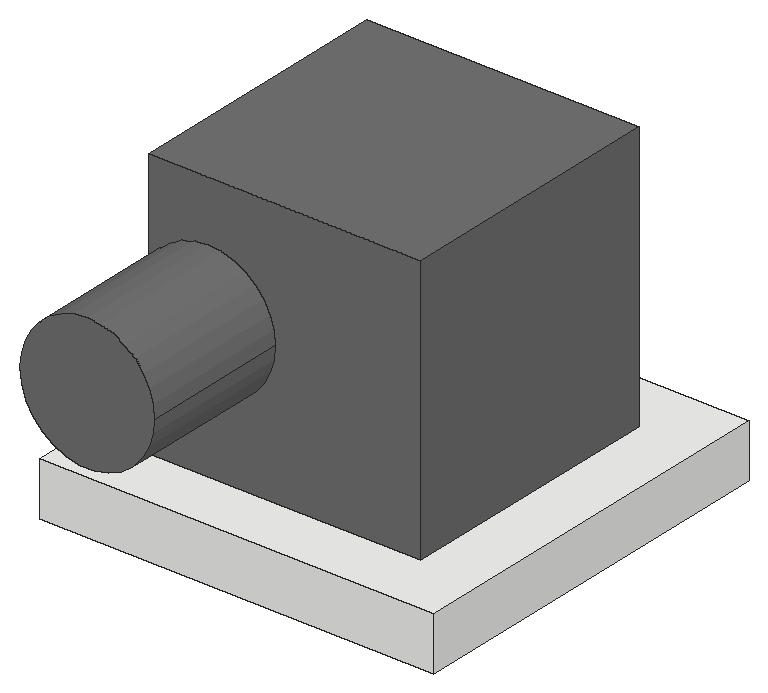
Revit family "vd-10_13zec14-fp_50Hz", category 機械設備, Revit 2019
Family settings
  丸型コネクタ寸法 = 直径を使用
  パーツ タイプ = 標準
  OmniClass 番号 = 23.75.35.17.27
  OmniClass タイトル = Centrifugal Fans
  作業面ベース = いいえ
  常に垂直 = はい
  ロード時にボイドで切り取り = いいえ
  共有 = いいえ
  部屋計算ポイント = はい
Parameters (values of type "VD-13ZEC14-FP")
  騒音レベル(dB(A)) [instance] = 24.5
  風量 [instance] = 125.0 m³/h
  電源種別 [instance] = ""
  電圧 = 100 V
  電動機出力 = 0 W
  電動機_種別 [instance] = ""
  運転質量 = 0.00 kg
  連動 [instance] = ""
  質量 = if(製品質量 > 運転質量, 製品質量, 運転質量) * 1.2  # 2.04 kg
  負荷分類 = 3_ファン類
  説明 = "ダクト用換気扇 消音形 フラットインテリアタイプ"
  設計風量 [instance] = 0.0 m³/h
  設置方法 = "天埋"
  記号 [instance] = ""
  製造元 = "三菱電機株式会社"
  製品質量 = 1.70 kg
  製品出荷対象 = "国内"
  製品リリース年月 = "2024年4月1日"
  製品グループ = ""
  系統 [instance] = ""
  符号 [instance] = if(☑給気／□排気, "FS", "FE")  # "FE"
  積算_科目 = "2 換気設備"
  積算_拾い区分 [instance] = ""
  相 = 1
  盤記号 [instance] = ""
  発停方法 [instance] = ""
  特殊仕様 [instance] = ""
  火災停止 [instance] = ""
  消費電力 = 13 W
  法定耐用年数 = "15"
  機外静圧 [instance] = 0.0 Pa
  極数 = 2
  材質 [instance] = ""
  操作・制御方式 = ""
  操作・制御スイッチ = ""
  排気量 [instance] = if(☑給気／□排気, 0.0 m³/h, 設計風量)  # 0.0 m³/h
  形式 = "天井埋込ダクト形"
  幹線記号 [instance] = ""
  対象室 [instance] = ""
  実風量 [instance] = 0.0 m³/h
  始動方式 [instance] = "直入"
  外気量 [instance] = if(☑給気／□排気, 設計風量, 0.0 m³/h)  # 0.0 m³/h
  呼称 = "天井扇"
  周波数 = 50 Hz
  参照している仕様書等のバージョン = ""
  分類コード = "50052503100030"
  分類グループ = ""
  価格 = 29600
  企業コード = "108420"
  付属品_防振装置 = ""
  付属品 [instance] = ""
  仕様書バージョン = "Version1.0"
  モデル = "VD-13ZEC14-FP"
  マテリアル = 合成樹脂(黒)
  ファンの種類 = ""
  ダクト径 = 100 mm
  コメント [instance] = ""
  Keynote = ""
  カバーマテリアル = 合成樹脂(白)
  ☑給気／□排気 [instance] = no
  Width = 198 mm
  W1 = 286 mm
  Version = ""
  Uniclass2015Version = "Systems v1.9"
  Uniclass2015Title = "Centrifugal fans"
  Uniclass2015Code = "Pr_65_67_29_12"
  URL = "https://www.mitsubishielectric.co.jp/ldg/wink/qr/002/333585/"
  SpecificationReference = ""
  SpecificationDescription = ""
  Revision = ""
  ProductInformation = ""
  OmniClassCode = "23-33 31 19 11 15"
  OAサイズ_D = 0 mm
  MIN風量 = 0.0 m³/h
  MIN静圧 = 0.0 Pa
  MID風量 = 0.0 m³/h
  MID静圧 = 0.0 Pa
  MAX風量 = 125.0 m³/h
  MAX静圧 = 0.0 Pa
  IfcTypeProduct = ""
  IfcProduct = ""
  IfcExportType = "PROPELLORAXIAL"
  IfcExportAs = "IfcFanType"
  Height = 195 mm
  H1 = 39 mm
  EAサイズ_D = 98 mm
  Duct_Height = 102 mm
  Duct_Depth = 109 mm
  Duct_Center = 56 mm
  Depth = 198 mm
  D1 = 286 mm
  Author = "三菱電機株式会社"
Types (2, lengths in mm): name | 騒音レベル(dB(A)) | 風量 | 質量 | 製品質量 | 消費電力 | 価格 | モデル | Width | W1 | URL | MAX風量 | Height | Duct_Center | Depth | D1
  VD-10ZEC14-FP | 19.5 | 90.0 m³/h | 1.80 kg | 1.50 kg | 7.2 W | 25900 | "VD-10ZEC14-FP" | 174 | 250 | "https://www.mitsubishielectric.co.jp/ldg/wink/qr/002/333561/" | 90.0 m³/h | 184 | 0 | 174 | 250
  VD-13ZEC14-FP | 24.5 | 125.0 m³/h | 2.04 kg | 1.70 kg | 13 W | 29600 | "VD-13ZEC14-FP" | 198 | 286 | "https://www.mitsubishielectric.co.jp/ldg/wink/qr/002/333585/" | 125.0 m³/h | 195 | 56 | 198 | 286
Reference planes
  plane 1 "中心(正面/背面)": y = 0
  plane 2: z = 0
  plane 3 "中心(左/右)": x = 0
  plane 4: x = -143
  plane 5: x = 143
  plane 6: y = 143
  plane 7: y = -143
  plane 8: x = -99
  plane 9: x = 99
  plane 10: y = 99
  plane 11: y = -99
  plane 12: y = -208
  plane 13: z = 195
  plane 14: z = -39
  plane 15: z = 102
  plane 16: x = -56
Forms (mm)
  Extrusion 1, solid, material "合成樹脂(黒)" <- "マテリアル", detail levels fine
    sketch origin (0, 0, 0) x (1, 0, 0) y (0, 1, 0)
      loop
        line (-99, 99) -> (-99, -99) -> (99, -99) -> (99, 99) -> (-99, 99)
    from 0 to 195
  Extrusion 2, solid, material "合成樹脂(白)" <- "カバーマテリアル", detail levels fine
    sketch origin (0, 0, 0) x (1, 0, 0) y (0, 1, 0)
      loop
        line (-143, 143) -> (-143, -143) -> (143, -143) -> (143, 143) -> (-143, 143)
    from 0 to -39
  Extrusion 3, solid, material "合成樹脂(黒)" <- "マテリアル", detail levels fine
    sketch origin (0, 0, 0) x (1, 0, 0) y (0, 0, 1)
      loop
        circle (-56, 102) r 49
    from 99 to 208
Dimensions and locks
  equal spacing: plane 4, plane 3 "中心(左/右)", plane 5
  "W1": plane 4 to plane 5
  equal spacing: plane 6, plane 1 "中心(正面/背面)", plane 7
  "D1": plane 6 to plane 7
  equal spacing: plane 8, plane 3 "中心(左/右)", plane 9
  "Width": plane 8 to plane 9
  equal spacing: plane 10, plane 1 "中心(正面/背面)", plane 11
  "Depth": plane 10 to plane 11
  "Duct_Depth": plane 11 to plane 12
  "Height": plane 13 to plane 2
  "Duct_Height": plane 15 to plane 2
  "H1": plane 2 to plane 14
  "Duct_Center": plane 3 "中心(左/右)" to plane 16
  "EAサイズ_D": diameter of Extrusion 3 sketch curve
  aligned and locked: level to plane 2
  aligned and locked: plane 5 to Extrusion 2
  aligned and locked: plane 6 to Extrusion 2
  aligned and locked: Extrusion 2 to plane 4
  aligned and locked: Extrusion 2 to plane 7
  aligned and locked: plane 9 to Extrusion 1
  aligned and locked: Extrusion 1 to plane 11
  aligned and locked: Extrusion 1 to plane 8
  aligned and locked: plane 10 to Extrusion 1
  aligned and locked: plane 13 to Extrusion 1
  aligned and locked: Extrusion 2 to plane 14
  aligned and locked: level to Extrusion 2
  aligned and locked: Extrusion 1 to level
  aligned and locked: Extrusion 3 to plane 12
  aligned and locked: plane 11 to Extrusion 3
Automatic sketch dimensions
  Extrusion 1 sketch curve to plane 3 "中心(左/右)" = 99 mm
  plane 3 "中心(左/右)" to Extrusion 1 sketch curve = 99 mm
  Extrusion 2 sketch curve to plane 3 "中心(左/右)" = 143 mm
  plane 3 "中心(左/右)" to Extrusion 2 sketch curve = 143 mm
  plane 1 "中心(正面/背面)" to Extrusion 1 sketch curve = 99 mm
  Extrusion 1 sketch curve to plane 1 "中心(正面/背面)" = 99 mm
  plane 1 "中心(正面/背面)" to Extrusion 2 sketch curve = 143 mm
  Extrusion 2 sketch curve to plane 1 "中心(正面/背面)" = 143 mm
  Extrusion 3 sketch curve to plane 15 = 0 mm
  Extrusion 3 sketch curve to plane 16 = 0 mm
Nested families
  nested 1: "記号_天井換気扇_平面" at (0, 0, 0), type "記号_天井換気扇_平面", detail levels coarse+medium
Connectors
  hvac at (-56, -208, 102), driven by "ダクト径", driven by "風量", driven by "機外静圧"
    settings: on Extrusion 3, index 1, duct flow 125.0 m³/h, flow factor 0, pres drop 0.0 Pa, loss coef 0, conn angle 0.00°, conn width 304.8 mm, conn height 304.8 mm, conn diameter 100 mm, duct sys type 3, conn prof type 0, flow config 0, flow direction 2, loss method 4, conn ref index -1, conn util no, is conn primary yes, conn desc ""
  electrical at (0, 0, 195), driven by "極数", driven by "負荷分類", driven by "電圧", driven by "消費電力"
    settings: on Extrusion 1, index 2, voltage 100 V, apparent load 13 VA, apparent load phase1 0 VA, apparent load phase2 0 VA, apparent load phase3 0 VA, power factor 1, load classification "3_ファン類", number of poles 2, system type 30, power factor state 1, is connector primary yes, connector utility no, sub classification motor no, connector description ""
Definition of nested family "記号_天井換気扇_平面"
  Reference planes
    plane 1: y = 0
    plane 2: x = 0
  Lines and regions (mm)
    detail lines
      curve 1: line (-2.5, 2.5, 0) -> (2.5, 2.5, 0)
      curve 2: line (-2.5, -2.5, 0) -> (-2.5, 2.5, 0)
      curve 3: line (2.5, -2.5, 0) -> (-2.5, -2.5, 0)
      curve 4: line (2.5, 2.5, 0) -> (2.5, -2.5, 0)
      curve 5: circle (-1.04, -1.04, 0) r 1.46 normal (0, 0, 1)
      curve 6: circle (1.04, 1.04, 0) r 1.46 normal (0, 0, 1)
      curve 7: line (-3.125, 3.125, 0) -> (3.125, 3.125, 0)
      curve 8: line (-3.125, -3.125, 0) -> (-3.125, 3.125, 0)
      curve 9: line (3.125, -3.125, 0) -> (-3.125, -3.125, 0)
      curve 10: line (3.125, 3.125, 0) -> (3.125, -3.125, 0)
      curve 11: circle (1.295, 1.295, 0) r 1.83 normal (0, 0, 1)
      curve 12: circle (-1.295, -1.295, 0) r 1.83 normal (0, 0, 1)
      curve 13: line (-2, 2, 0) -> (2, 2, 0)
      curve 14: line (-2, -2, 0) -> (-2, 2, 0)
      curve 15: line (2, -2, 0) -> (-2, -2, 0)
      curve 16: line (2, 2, 0) -> (2, -2, 0)
      curve 17: circle (0.84, 0.84, 0) r 1.16 normal (0, 0, 1)
      curve 18: circle (-0.84, -0.84, 0) r 1.2 normal (0, 0, 1)
